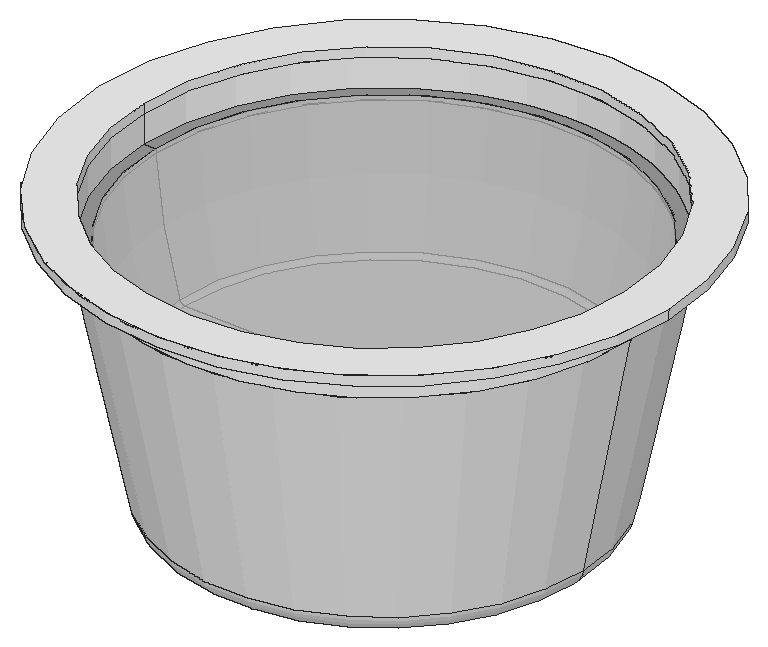
Revit family "2059202 Lighting Fixture_Sylvania_Ascent 100 Deco(160)-High Output_Ceiling Recessed", category Lighting Fixtures, host Face, Revit 2017
Family settings
  Host = Face
  Round Connector Dimension = Use Diameter
  Part Type = Normal
  OmniClass Number = 23.80.70.11.17
  OmniClass Title = Specialized Lighting by Location or Use
  Cut with Voids When Loaded = No
  Light Source = Yes
  Shared = No
  Room Calculation Point = No
Parameters (values of type "Asct100 Deco HO 3K DALIEMG 160")
  Reflector Radius = Radius - 14.5 mm  # 80.0 mm
  Reflector Material = Aluminium_Sylvania_Ascent_Silver
  Radius = 94.5 mm
  Life = "50 000h"  # constant formula
  IP Rating = "IP44"  # constant formula
  IK Rating = "IK02"  # constant formula
  Height = 94.0 mm
  Wattage = 1.47564 W
  built-in parameter 1150110 = 1 (stored number, unit not read)
  Voltage Comments = "UNV (Universal Voltage; 220-240 Volt)"  # constant formula
  Voltage = 240 V  # constant formula
  URL = "https://www.sylvania-lighting.com/"
  built-in parameter 1114217 = 1 (stored number, unit not read)
  Tilt Angle = -90°
  built-in parameter 1150109 = 1 (stored number, unit not read)
  built-in parameter 1150134 = (empty or 0)
  built-in parameter 1150113 = 1 (stored number, unit not read)
  Product Page URL = "https://www.sylvania-lighting.com/product/en-int/products/2059202"
  Product Family = "Ascent 100 Deco (160) - High Output"  # constant formula
  Photometry Comments = ""
  Photometric Web File = "2059202_Asct100DecoHO3KDALIEMG160-190028.ies"
  Glow Wire Test = 850 °C
  Emit from Circle Diameter = 2 * Diffuser Radius  # 152.0 mm
  Emit Shape Visible in Rendering = no
  Drive Current = "700mA"  # constant formula
  Diffuser Radius = Reflector Radius - 4.0 mm  # 76.0 mm
  Diffuser Material = Polycarbonate_Sylvania_Ascent_Clear
  Diameter = 2 * Radius  # 189.0 mm
  Cutout Diameter = Diameter - 11.0 mm  # 178.0 mm
  built-in parameter 1114216 [instance] = 1 (stored number, unit not read)
  Model = "Asct100 Deco HO 3K DALIEMG 160"
  Manufacturer = "Feilo-Sylvania Group"
  built-in parameter 1150105 = 74.594 (stored number, unit not read)
  Lumens = 159 lm
  built-in parameter 1150115 = 1 (stored number, unit not read)
  built-in parameter 1150137 = (empty or 0)
  built-in parameter 1150139 = (empty or 0)
  built-in parameter 1150112 = 1 (stored number, unit not read)
  built-in parameter 1150114 = 1 (stored number, unit not read)
  Lamp = "Integrated LED"
  built-in parameter 1150132 = 2
  built-in parameter 1150102 = (empty or 0)
  built-in parameter 1150107 = 3000 (stored number, unit not read)
  built-in parameter 1150138 = (empty or 0)
  built-in parameter 1150106 = 0.74594 (stored number, unit not read)
  Body Material = Aluminum_Sylvania_Ascent_White
  built-in parameter 1150104 = 10.01 (stored number, unit not read)
  Dimming Lamp Color Temperature Shift = <None>
  Description = "Direct LED retro fit for original LED 100 Deco (160) single CFL lamp offering Matching lumen levels and improved light distribution of original LED 100 CFL lamp equivalents Typically half the power consumption compared to CFL Up to 112lm/W 160mm aperture Decorative reflector accepts snap fit polycarbonate accessories from existing LED 100 Deco 160 offering New kometa accessory ring creates a diffused indirect halo of light onto the ceiling for decorative effect HE, HO and VHO versions equivalent of single 1 x 18W, 1 x 32W, 1 x 42W Additional VVHO versions which offer the performance circa 2 x 32W equivalent"  # constant formula
  Default Elevation = 0.0 mm
  Color Filter = 16777215
  Catalog Number = "2059202 Asct100 Deco HO 3K DALIEMG 160"
  built-in parameter 1140040 [instance] = 1
  built-in parameter 1114218 = 1 (stored number, unit not read)
  built-in parameter 1150133 = 10 (stored number, unit not read)
  Assembly Code = "D5020200"
  Apparent Load Comments = ""
  Apparent Load = 17 VA
  Aperture = 2 * Reflector Radius  # 160.0 mm
Reference planes
  plane 1 "Center (Front/Back)": y = 0
  plane 2: z = 0
  plane 3 "Center (Left/Right)": x = 0
  plane 4 "Fixture Bottom": z = 3
  plane 5: z = -53.5
  plane 6 "Fixture Top": z = -91
  plane 7: z = -9
  plane 8: z = -10.5
Forms (mm)
  Extrusion 1, solid, material "Aluminum_Sylvania_Ascent_White" <- "Body Material", detail levels fine
    sketch origin (0, 0, 0) x (1, 0, 0) y (0, 1, 0)
      loop
        circle (0, 0) r 94.5
      loop
        circle (0, 0) r 80
    from 0 to 3
  Extrusion 2, void
    sketch origin (0, 0, 0) x (1, 0, 0) y (0, 1, 0)
      loop
        circle (0, 0) r 89
    from -91 to 3
  Revolve 3, solid, material "Aluminum_Sylvania_Ascent_White" <- "Body Material", detail levels fine
    sketch origin (0, 0, 0) x (1, 0, 0) y (0, 0, 1)
      loop
        line (0, -89) -> (-58.456, -89)
        arc (-58.456, -89) -> (-62.232, -87.663) -> (-64.324, -84.247) r 6
        line (-64.324, -84.247) -> (-80, -10.5) -> (-80, 0) -> (-82.009, 0) -> (-82.009, -10.5) -> (-66.245, -84.663)
        arc (-66.245, -84.663) -> (-63.454, -89.217) -> (-58.42, -91) r 8
        line (-58.42, -91) -> (0, -91) -> (0, -89)
      axis (0, 0) -> (0, -91)
    angle from 0 to 360
  Revolve 4, solid, material "Aluminium_Sylvania_Ascent_Silver" <- "Reflector Material", detail levels fine
    sketch origin (0, 0, 0) x (1, 0, 0) y (0, 0, 1)
      loop
        line (-80, -9) -> (-80, -10.5) -> (-77, -10.5)
        arc (-77, -10.5) -> (-74.319, -31.239) -> (-68.971, -51.454) r 160.868
        arc (-68.971, -51.454) -> (-67.878, -52.935) -> (-66.127, -53.5) r 3
        line (-66.127, -53.5) -> (-58, -53.5)
        arc (-58, -53.5) -> (-56.855, -62.037) -> (-53.5, -69.971) r 32.394
        line (-53.5, -69.971) -> (0, -69.971) -> (0, -52.5) -> (-66.127, -52.5)
        arc (-66.127, -52.5) -> (-67.294, -52.124) -> (-68.023, -51.136) r 2
        arc (-68.023, -51.136) -> (-73.335, -31.062) -> (-76, -10.468) r 159.868
        line (-76, -10.468) -> (-76, -9) -> (-80, -9)
      axis (0, -9) -> (0, -69.971)
    angle from 0 to 360
  Extrusion 5, solid, material "Polycarbonate_Sylvania_Ascent_Clear" <- "Diffuser Material", detail levels fine
    sketch origin (0, 0, 0) x (1, 0, 0) y (0, 1, 0)
      loop
        circle (0, 0) r 76
    from -10.5 to -9
  Revolve 6, solid, material "Aluminum_Sylvania_Ascent_White" <- "Body Material", detail levels coarse+medium
    sketch origin (0, 0, 0) x (1, 0, 0) y (0, 0, 1)
      loop
        line (0, 3) -> (-94.5, 3) -> (-94.5, 0) -> (-82.009, 0) -> (-82.009, -10.5) -> (-66.245, -84.663)
        arc (-66.245, -84.663) -> (-63.454, -89.217) -> (-58.42, -91) r 8
        line (-58.42, -91) -> (0, -91) -> (0, 3)
      axis (0, 3) -> (0, -91)
    angle from 0 to 360
Cuts and joins
  joined: Extrusion 1, Revolve 3
Dimensions and locks
  plane 4 "Fixture Bottom" to plane 2 to plane 7 to plane 8 to plane 5 = 3.0 mm locked, 9.0 mm locked, 1.5 mm locked, 43.0 mm locked
  "Height": plane 4 "Fixture Bottom" to plane 6 "Fixture Top"
  "Reflector Radius": plane 3 "Center (Left/Right)" to Revolve 4 sketch curve
  "Reflector Radius": plane 3 "Center (Left/Right)" to Revolve 3 sketch curve
  locked: Revolve 3 sketch curve to Revolve 3 sketch curve at 2.009
  Revolve 4 sketch curve to Revolve 4 sketch curve = 4.0 mm
  Revolve 4 sketch curve to Revolve 4 sketch curve = 1.0 mm
  Revolve 4 sketch curve to Revolve 4 sketch curve to Revolve 4 sketch curve to Revolve 4 sketch curve to Revolve 4 sketch curve = 11.029 mm locked, 2.844 mm locked, 8.127 mm locked, 4.5 mm locked
  Revolve 3 sketch curve to Revolve 3 sketch curve to Revolve 3 sketch curve = 13.755 mm locked, 7.825 mm locked
  "Radius": plane 3 "Center (Left/Right)" to Revolve 6 sketch curve
  Revolve 6 sketch curve to Revolve 6 sketch curve to Revolve 6 sketch curve = 7.825 mm locked, 28.255 mm locked
  "Cutout Diameter": diameter of Extrusion 2 sketch curve
  "Reflector Radius": radius of Extrusion 1 sketch curve
  "Diffuser Radius": radius of Extrusion 5 sketch curve
  "Radius": radius of Extrusion 1 sketch curve
  aligned and locked: host face to plane 2
  aligned and locked: host face to level
  aligned and locked: plane 1 "Center (Front/Back)" to imposter light
  aligned and locked: plane 3 "Center (Left/Right)" to imposter light
  aligned and locked: plane 4 "Fixture Bottom" to Extrusion 1
  aligned and locked: Extrusion 1 to plane 2
  aligned and locked: Revolve 3 sketch curve to plane 3 "Center (Left/Right)"  (x2)
  aligned and locked: Revolve 4 sketch curve to plane 3 "Center (Left/Right)"  (x2)
  aligned and locked: plane 2 to Revolve 3 sketch curve
  aligned and locked: plane 6 "Fixture Top" to Extrusion 2
  aligned and locked: Revolve 3 sketch curve to plane 2
  aligned and locked: plane 8 to Revolve 3 sketch curve  (x2)
  aligned and locked: plane 7 to Revolve 4 sketch curve
  aligned and locked: Revolve 4 sketch curve to plane 8
  aligned and locked: imposter light to Extrusion 2
  aligned and locked: plane 7 to Extrusion 5
  aligned and locked: Extrusion 5 to plane 8
  aligned and locked: imposter light to plane 4 "Fixture Bottom"
  aligned and locked: Revolve 3 sketch curve to plane 6 "Fixture Top"
  aligned and locked: Revolve 6 sketch curve to plane 4 "Fixture Bottom"
Automatic sketch dimensions
  plane 1 "Center (Front/Back)" to Extrusion 2 sketch curve = 0.0 mm
  Extrusion 2 sketch curve to plane 3 "Center (Left/Right)" = 0.0 mm
  Extrusion 1 sketch curve to Extrusion 1 sketch curve = 0.0 mm  (x2)
  plane 1 "Center (Front/Back)" to Extrusion 1 sketch curve = 0.0 mm
  Extrusion 1 sketch curve to plane 3 "Center (Left/Right)" = 0.0 mm
  plane 1 "Center (Front/Back)" to Extrusion 5 sketch curve = 0.0 mm
  Extrusion 5 sketch curve to plane 3 "Center (Left/Right)" = 0.0 mm
  host sketch curve to host sketch curve = 1368.192 mm
  host sketch curve to host sketch curve = 1600.367 mm
  Revolve 4 sketch curve to plane 5 = 0.0 mm
  Revolve 4 sketch curve to plane 5 = 16.471 mm
  plane 8 to Revolve 4 sketch curve = 0.032 mm
  Revolve 4 sketch curve to Revolve 4 sketch curve = 0.0 mm  (x5)
  Revolve 4 sketch curve to level = 0.289 mm
  Revolve 4 sketch curve to Revolve 4 sketch curve = 2.387 mm
  plane 4 "Fixture Bottom" to Revolve 4 sketch curve = 9.642 mm
  Revolve 4 sketch curve to Revolve 4 sketch curve = 0.948 mm
  Revolve 3 sketch curve to plane 6 "Fixture Top" = 6.753 mm
  Revolve 3 sketch curve to plane 6 "Fixture Top" = 2.0 mm
  Revolve 3 sketch curve to plane 6 "Fixture Top" = 6.337 mm
  Revolve 3 sketch curve to Revolve 3 sketch curve = 1.921 mm
  Revolve 3 sketch curve to Revolve 3 sketch curve = 0.036 mm
  plane 6 "Fixture Top" to Revolve 3 sketch curve = 33.569 mm
  plane 4 "Fixture Bottom" to Revolve 3 sketch curve = 82.431 mm
  Revolve 6 sketch curve to plane 8 = 0.0 mm
  Revolve 6 sketch curve to plane 6 "Fixture Top" = 0.0 mm
  Revolve 6 sketch curve to plane 6 "Fixture Top" = 6.337 mm
  Revolve 6 sketch curve to plane 3 "Center (Left/Right)" = 0.0 mm
  Revolve 6 sketch curve to Revolve 6 sketch curve = 12.491 mm
  plane 6 "Fixture Top" to Revolve 6 sketch curve = 33.569 mm
  plane 4 "Fixture Bottom" to Revolve 6 sketch curve = 82.431 mm
  plane 3 "Center (Left/Right)" to Revolve 6 sketch curve = 0.0 mm
  Revolve 6 sketch curve to level = 0.0 mm
Connectors
  electrical at (0, 0, -91), driven by "Voltage", driven by "Apparent Load"
    settings: index 1, voltage 240 V, apparent load 0 VA, apparent load phase1 17 VA, apparent load phase2 0 VA, apparent load phase3 0 VA, power factor 1, load classification "Lighting", number of poles 1, system type 31, power factor state 1, is connector primary yes, connector utility no, sub classification motor no, connector description ""
